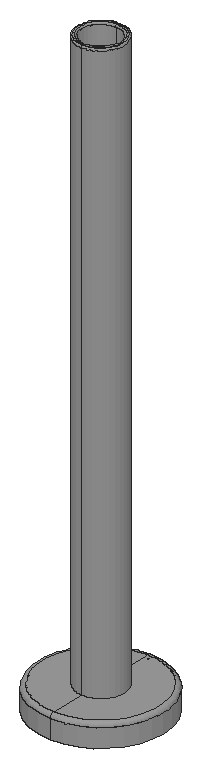
Revit family "Shower-Ceiling_Mount-Shower_Arm-KOHLER-K-26321T", category Plumbing Fixtures, host Face, Revit 2017
Family settings
  Host = Face
  Round Connector Dimension = Use Diameter
  Part Type = Normal
  OmniClass Number = 23.31.17.00
  OmniClass Title = Showers
  Cut with Voids When Loaded = No
  Shared = No
  Room Calculation Point = No
Parameters (values of type "Not A Type=See Type Catalog")
  Width = 2.16535"  # constant formula
  WaterSense Certified = 1 = 0  # no
  Waste Water Outlet = "Waste Water Outlet"  # constant formula
  Waste Connection = 1 = 0  # no
  Vent Connection = 1 = 0  # no
  URL = "http://www.kohler.com.cn/"
  Type = 1
  Tempered Water Inlet = "Tempered Water Inlet"  # constant formula
  Product Page URL = ""
  Product Name = ""
  Product Documentation Link = ""
  Pressure = 0.00 psi
  Model = if(Type = 1, "K-26321T-CP", if(Type = 2, "K-26321T-BN", if(Type = 3, "K-26321T-BL", if(Type = 4, "K-26321T-AF", if(Type = 5, "K-26321T-SN", if(Type = 6, "K-26321T-RGD", if(Type = 7, "K-26321T-2MB", "NA")))))))  # "K-26321T-CP"
  Material = "Brass Construction"  # constant formula
  Master Format 2014 Name = "Residential Showers"  # constant formula
  Master Format 2014 = "22 42 23"  # constant formula
  Manufacturer Address = "Kohler Beijing Office (100016) 36-2-03-B, No. 88, Liuxiang Road, Beijing"  # constant formula
  Manufacturer = "KOHLER Co."  # constant formula
  Length = 2.16535"  # constant formula
  Hot Water Inlet = "Hot Water Inlet"  # constant formula
  Height = 10 3/8"  # constant formula
  HW Connection = 1 = 1  # yes
  Flow Rate = 0 GPM
  Finish = Default
  Environmental Product Declaration = ""
  Drain Included = 1 = 0  # no
  Description = "Ceiling Mount Arm Short-12"  # constant formula
  Default Elevation = 0"
  Declare Label = ""
  Date Modified = "02/09/2021"  # constant formula
  Date Created = "02/09/2021"  # constant formula
  Copyright = "Copyright KOHLER Co."  # constant formula
  Contact Us = "http://www.kohler.com.cn/contact/contact-us/"
  Cold Water Inlet = "Cold Water Inlet"  # constant formula
  CW Connection = 1 = 0  # no
  Assembly Code = "D2010700"
  ADA Compliant = 1 = 0  # no
Reference planes (in)
  plane 1 "Center (Front/Back)": y = 0
  plane 2: z = 0
  plane 3 "Center (Left/Right)": x = 0
  plane 4: x = -0.40804
  plane 5: x = 1.08268
  plane 6: x = 0.40804
  plane 7: y = 1.08268
  plane 8: y = 0.40804
  plane 9: y = -0.40804
  plane 10: z = 10.375
  plane 11: z = 0.3937
  plane 12: x = -1.08268
  plane 13: y = -1.08268
Dimensions and locks (in)
  "Height": plane 10 to level
  "Width": plane 12 to plane 5
  "Length": plane 7 to plane 13
  aligned and locked: plane 2 to host face
  aligned and locked: level to host face
  aligned and locked: plane 3 "Center (Left/Right)" to nested 1
  aligned and locked: plane 1 "Center (Front/Back)" to nested 1
Automatic sketch dimensions
  host sketch curve to host sketch curve = 96"  (x2)
Nested families (in)
  nested 1: "K-26321T" at (0, 0, 0), type "K-26321T"
  nested 2: "Family2" at (4.35023, -4.85683, 0), type "Family2"
Connectors (in)
  piping at (0, 0, 0), diameter 0.5, driven by "Flow Rate", driven by "HW Connection", driven by "Tempered Water Inlet"
    settings: on nested 1, index 1, connector inside diameter 24", connector length 0", flow factor 0, pipe flow 0 GPM, pressure drop 0.00 psi, fitting loss kfactor 0, connector angle 0.00°, fixture units 0, engagement length 0", angle of deflection 0.00°, flow configuration 0, flow direction 1, fitting loss method 0, system type 19, joint type 0, gender type 0, connector reference index -1, connector utility 1, adjustable connector no, is connector primary yes, connector description "Tempered Water Inlet"
Definition of nested family "K-26321T"
  Parameters (values of type "K-26321IN")
    Material = none
  Reference planes (in)
    plane 1 "Center (Front/Back)": y = 0
    plane 2: z = 0
    plane 3 "Center (Left/Right)": x = 0
    plane 4: x = 1.08268
    plane 5: y = -1.08268
    plane 6: x = -0.40804
    plane 7: x = 0.40804
    plane 8: y = 0.40804
    plane 9: y = -0.40804
    plane 10: z = 10.375
    plane 11: z = 0.3937
    plane 12: y = 1.08268
    plane 13: x = -1.08268
  Forms (in)
    Revolve 1, solid, material <- "Material", detail levels medium+fine
      sketch origin (0, 0, 0) x (0, 1, 0) y (0, 0, 1)
        loop
          line (1.08268, 0) -> (1.08268, 0.32126)
          arc (1.08268, 0.32126) -> (1.06146, 0.37248) -> (1.01023, 0.3937) r 0.07244
          line (1.01023, 0.3937) -> (0.40804, 0.3937) -> (0.40804, 10.35215)
          arc (0.40804, 10.35215) -> (0.40135, 10.36831) -> (0.38519, 10.375) r 0.02285
          line (0.38519, 10.375) -> (0.34983, 10.375)
          arc (0.34983, 10.375) -> (0.33343, 10.3682) -> (0.32663, 10.3518) r 0.0232
          line (0.32663, 10.3518) -> (0.32663, 10.02965)
          arc (0.32663, 10.02965) -> (0.31703, 10.00646) -> (0.29383, 9.99685) r 0.0328
          line (0.29383, 9.99685) -> (0, 9.99685) -> (0, 0.11205) -> (0.26255, 0.11205) -> (0.26255, 0) -> (0.40804, 0) -> (0.40804, 0.28985)
          arc (0.40804, 0.28985) -> (0.41979, 0.31821) -> (0.44814, 0.32995) r 0.0401
          line (0.44814, 0.32995) -> (0.98775, 0.32995)
          arc (0.98775, 0.32995) -> (1.0181, 0.31739) -> (1.03066, 0.28704) r 0.04291
          line (1.03066, 0.28704) -> (1.03066, 0) -> (1.08268, 0)
        axis (0, 10.375) -> (0, 0)
      angle from 0 to 360
    Extrusion 2, void
      sketch origin (0, 0, 0) x (1, 0, 0) y (0, 0, 1)
        loop
          circle (0, 0.16685) r 0.08415
      from -0.87045 to -1.26486
    Revolve 3, solid, material <- "Material", detail levels coarse
      sketch origin (0, 0, 0) x (0, 1, 0) y (0, 0, 1)
        loop
          line (1.09375, 0) -> (1.09375, 0.3937) -> (0.40804, 0.3937) -> (0.40804, 10.375) -> (0, 10.375) -> (0, 0) -> (1.09375, 0)
        axis (0, 10.375) -> (0, 0)
      angle from 0 to 360
  Cuts and joins
    Extrusion 2 cuts Revolve 1
  Lines and regions (in)
    Masking region 1
      outline origin (0, 0, 0) x (0, 1, 0) y (0, 0, 1)
        loop
          line (1.08268, 0) -> (1.08268, 0.32218)
          arc (1.08268, 0.32218) -> (1.06173, 0.37275) -> (1.01116, 0.3937) r 0.07152
          line (1.01116, 0.3937) -> (0.40804, 0.3937) -> (0.40804, 10.34968)
          arc (0.40804, 10.34968) -> (0.40062, 10.36758) -> (0.38272, 10.375) r 0.02532
          line (0.38272, 10.375) -> (-0.38272, 10.375)
          arc (-0.38272, 10.375) -> (-0.40062, 10.36758) -> (-0.40804, 10.34968) r 0.02532
          line (-0.40804, 10.34968) -> (-0.40804, 0.3937) -> (-1.01116, 0.3937)
          arc (-1.01116, 0.3937) -> (-1.06173, 0.37275) -> (-1.08268, 0.32218) r 0.07152
          line (-1.08268, 0.32218) -> (-1.08268, 0) -> (1.08268, 0)
    Masking region 2
      outline origin (0, 0, 0) x (1, 0, 0) y (0, 0, 1)
        loop
          line (-1.08268, 0.32218) -> (-1.08268, 0) -> (1.08268, 0) -> (1.08268, 0.32218)
          arc (1.08268, 0.32218) -> (1.06173, 0.37275) -> (1.01116, 0.3937) r 0.07152
          line (1.01116, 0.3937) -> (0.40804, 0.3937) -> (0.40804, 10.34968)
          arc (0.40804, 10.34968) -> (0.40062, 10.36758) -> (0.38272, 10.375) r 0.02532
          line (0.38272, 10.375) -> (-0.38272, 10.375)
          arc (-0.38272, 10.375) -> (-0.40062, 10.36758) -> (-0.40804, 10.34968) r 0.02532
          line (-0.40804, 10.34968) -> (-0.40804, 0.3937) -> (-1.01116, 0.3937)
          arc (-1.01116, 0.3937) -> (-1.06173, 0.37275) -> (-1.08268, 0.32218) r 0.07152
    Masking region 3
      outline origin (0, 0, 0) x (1, 0, 0) y (0, 1, 0)
        loop
          arc (0, 1.08268) -> (-0.76557, 0.76557) -> (-1.08268, 0) r 1.08268
          arc (-1.08268, 0) -> (-0.76557, -0.76557) -> (0, -1.08268) r 1.08268
          arc (0, -1.08268) -> (0.76557, -0.76557) -> (1.08268, 0) r 1.08268
          arc (1.08268, 0) -> (0.76557, 0.76557) -> (0, 1.08268) r 1.08268
    symbolic lines, detail levels medium+fine
      curve 1: line (0, 0.40804, 0.3937) -> (0, -0.40804, 0.3937)
      curve 2: line (0, 1.08268, 0.32218) -> (0, -1.08268, 0.32218)
      curve 3: line (0, 0.40804, 10.34968) -> (0, -0.40804, 10.34968)
      curve 4: line (0, 0.40804, 10.29198) -> (0, -0.40804, 10.29198)
      curve 5: line (0, 0.40804, 10.23338) -> (0, -0.40804, 10.23338)
      curve 6: line (0, 0.40804, 10.17479) -> (0, -0.40804, 10.17479)
      curve 7: line (0, 0.40804, 10.1162) -> (0, -0.40804, 10.1162)
      curve 8: line (0, 0.40804, 10.0576) -> (0, -0.40804, 10.0576)
      curve 9: line (0, 0.40804, 9.99901) -> (0, -0.40804, 9.99901)
      curve 10: line (0, 0.40804, 9.94042) -> (0, -0.40804, 9.94042)
      curve 11: line (0, 0.40804, 9.88182) -> (0, -0.40804, 9.88182)
      curve 12: line (0, 0.40804, 9.82323) -> (0, -0.40804, 9.82323)
      curve 13: line (-0.40804, 0, 0.3937) -> (0.40804, 0, 0.3937)
      curve 14: line (-1.08268, 0, 0.32218) -> (1.08268, 0, 0.32218)
      curve 15: line (-0.40804, 0, 10.34968) -> (0.40804, 0, 10.34968)
      curve 16: line (-0.40804, 0, 10.29108) -> (0.40804, 0, 10.29108)
      curve 17: line (-0.40804, 0, 10.23249) -> (0.40804, 0, 10.23249)
      curve 18: line (-0.40804, 0, 10.1739) -> (0.40804, 0, 10.1739)
      curve 19: line (-0.40804, 0, 10.1153) -> (0.40804, 0, 10.1153)
      curve 20: line (-0.40804, 0, 10.05671) -> (0.40804, 0, 10.05671)
      curve 21: line (-0.40804, 0, 9.99811) -> (0.40804, 0, 9.99811)
      curve 22: line (-0.40804, 0, 9.93952) -> (0.40804, 0, 9.93952)
      curve 23: line (-0.40804, 0, 9.88093) -> (0.40804, 0, 9.88093)
      curve 24: line (-0.40804, 0, 9.82233) -> (0.40804, 0, 9.82233)
      curve 25: circle (0, 0, 0) r 1.05354 normal (0, 0, 1)
      curve 26: arc (0, 0.40804, 0) -> (-0.40804, 0, 0) -> (0, -0.40804, 0) r 0.40804
      curve 27: arc (0, -0.40804, 0) -> (0.40804, 0, 0) -> (0, 0.40804, 0) r 0.40804
      curve 28: circle (0, 0, 0) r 0.32089 normal (0, 0, 1)
  Dimensions and locks (in)
    plane 10 to level = 10 3/8"
    locked: plane 13 to plane 4 at 2.16535
    aligned and locked: plane 2 to level
Definition of nested family "Family2"
  Reference planes (in)
    plane 1 "Center (Front/Back)": y = 0
    plane 2: z = 0
    plane 3 "Center (Left/Right)": x = 0
  Dimensions and locks (in)
    aligned and locked: plane 2 to level
Types in the file's own list only (7): name | Width | Type | Model | Length | Finish
  CP-Polished Chrome | 2 3/16" | 1 | "K-26321T-CP" | 2 3/16" | Kohler-Metal-CP-Polished_Chrome
  BN-Vibrant Brushed Nickel | 2 3/16" | 2 | "K-26321T-BN" | 2 3/16" | Kohler-Metal-BN-Vibrant_Brushed_Nickel
  BL-Matte Black | 2 3/16" | 3 | "K-26321T-BL" | 2 3/16" | Kohler-Metal-BL-Matte_Black
  AF-Vibrant French Gold | 2 3/16" | 4 | "K-26321T-AF" | 2 3/16" | Kohler-Metal-AF-Vibrant_French_Gold
  SN-Vibrant Polished Nickel | 2 3/16" | 5 | "K-26321T-SN" | 2 3/16" | Kohler-Metal-SN-Vibrant_Polished_Nickel
  RGD-Polished Rose Gold | 2 3/16" | 6 | "K-26321T-RGD" | 2 3/16" | Kohler-Metal-RGD-Polished_Rose_Gold
  2MB-Vibrant Brushed Moderne Brass | 2 3/16" | 7 | "K-26321T-2MB" | 2 3/16" | Kohler-Metal-2MB-Vibrant_Brushed_Moderne_Brass
